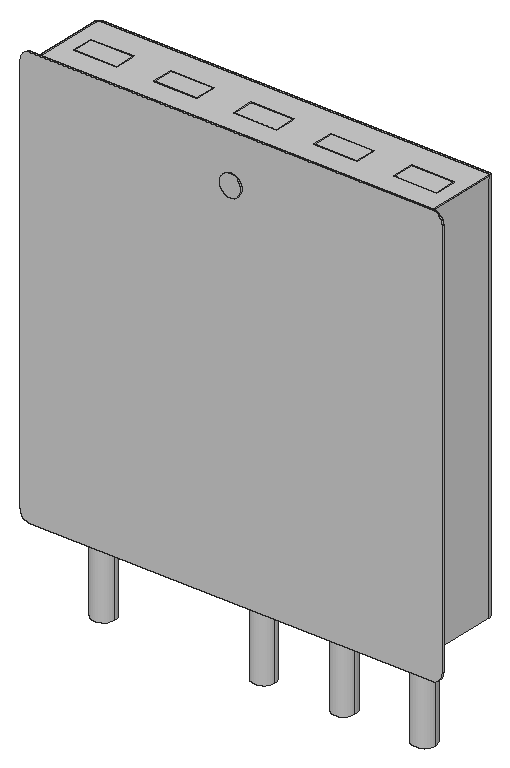
Revit family "SpecEquip_TMV_Zip_Horne TMV box with bypass pipes one end", category Specialty Equipment, Revit 2016 (continued)
Definition of nested family "SpecEquip_TMV_Zip_Horne TMV H1502"
  Reference planes
    plane 10 "Center (Elevation)": z = 965.5
    plane 11 "Left Offset": x = -75
    plane 12 "Right Offset": x = 75
  Forms (mm)
    Revolve 1, solid, material <- "Material_ANZRS"
      sketch origin (0, 279.5, 0) x (0, 0, -1) y (-1, 0, 0)
        loop
          line (-1016, 0) -> (-1016, -15)
          arc (-1016, -15) -> (-1015.707, -15.707) -> (-1015, -16) r 1
          line (-1015, -16) -> (-1007.5, -16) -> (-1007.5, 0) -> (-1016, 0)
        loop
          line (-999.5, 0) -> (-999.5, -22)
          arc (-999.5, -22) -> (-999.354, -22.354) -> (-999, -22.5) r 0.5
          line (-999, -22.5) -> (-990.003, -22.5)
          arc (-990.003, -22.5) -> (-989.614, -22.314) -> (-989.514, -21.895) r 0.5
          line (-989.514, -21.895) -> (-948.013, -21.895)
          arc (-948.013, -21.895) -> (-947.65, -21.745) -> (-947.5, -21.382) r 0.513
          line (-947.5, -21.382) -> (-947.5, -15.524)
          arc (-947.5, -15.524) -> (-946.907, -14.093) -> (-945.476, -13.5) r 2.024
          line (-945.476, -13.5) -> (-936.25, -13.5) -> (-934.96, -16) -> (-924.5, -16) -> (-924.5, 0) -> (-999.5, 0)
        axis (-924.5, 0) -> (-1016, 0)
      angle from 0 to 360
    Extrusion 2, solid, material <- "Material_ANZRS"
      sketch origin (0, 0, 1033) x (-1, 0, 0) y (0, 1, 0)
        loop
          line (0, 268.5) -> (9.526, 274) -> (9.526, 285) -> (0, 290.5) -> (-9.526, 285) -> (-9.526, 274) -> (0, 268.5)
      from 0 to 17
    Extrusion 3, solid, material <- "Material_ANZRS"
      sketch origin (0, 0, 1033) x (-1, 0, 0) y (0, 1, 0)
        loop
          line (0, 259.5) -> (17.321, 269.5) -> (17.321, 289.5) -> (0, 299.5) -> (-17.321, 289.5) -> (-17.321, 269.5) -> (0, 259.5)
      from 25.5 to 33.5
    Revolve 4, solid, material <- "Material_ANZRS"
      sketch origin (0, 279.5, 0) x (0, 0, -1) y (-1, 0, 0)
        loop
          line (-965.5, -75) -> (-965.5, -49) -> (-984.35, -49) -> (-984.35, -51.506)
          arc (-984.35, -51.506) -> (-984.059, -52.209) -> (-983.356, -52.5) r 0.994
          line (-983.356, -52.5) -> (-977.75, -52.5) -> (-977.75, -75) -> (-965.5, -75)
        loop
          line (-965.5, -36.5) -> (-965.5, 36.5) -> (-981.994, 36.5) -> (-981.994, -36.5) -> (-965.5, -36.5)
        loop
          line (-965.5, 49) -> (-965.5, 75) -> (-977.75, 75) -> (-977.75, 52.5) -> (-983.356, 52.5)
          arc (-983.356, 52.5) -> (-984.059, 52.209) -> (-984.35, 51.506) r 0.994
          line (-984.35, 51.506) -> (-984.35, 49) -> (-965.5, 49)
        axis (-965.5, 75) -> (-965.5, -75)
      angle from 0 to 360
    Extrusion 5, solid, material <- "Material_ANZRS"
      sketch origin (0, 0, 0) x (0, 1, 0) y (0, 0, 1)
        loop
          line (301.266, 965.5) -> (290.383, 984.35) -> (268.617, 984.35) -> (257.734, 965.5) -> (268.617, 946.65) -> (290.383, 946.65) -> (301.266, 965.5)
      from -49 to -36.5
    Extrusion 6, solid, material <- "Material_ANZRS"
      sketch origin (0, 0, 0) x (0, 1, 0) y (0, 0, 1)
        loop
          line (301.266, 965.5) -> (290.383, 984.35) -> (268.617, 984.35) -> (257.734, 965.5) -> (268.617, 946.65) -> (290.383, 946.65) -> (301.266, 965.5)
      from 36.5 to 49
    Revolve 7, solid, material <- "Material_ANZRS"
      sketch origin (0, 279.5, 0) x (0, 0, -1) y (-1, 0, 0)
        loop
          line (-985.2, 75) -> (-985.2, 58.4) -> (-981.2, 58.4) -> (-981.2, 60.55) -> (-914.9, 60.55) -> (-914.9, 65) -> (-900, 65) -> (-900, 75) -> (-985.2, 75)
        axis (-900, 75) -> (-985.2, 75)
      angle from 0 to 360
    Revolve 8, solid, material <- "Material_ANZRS"
      sketch origin (0, 279.5, 0) x (0, 0, -1) y (1, 0, 0)
        loop
          line (-985.2, 75) -> (-985.2, 58.4) -> (-981.2, 58.4) -> (-981.2, 60.55) -> (-914.9, 60.55) -> (-914.9, 65) -> (-900, 65) -> (-900, 75) -> (-985.2, 75)
        axis (-900, 75) -> (-985.2, 75)
      angle from 0 to 360
    Extrusion 9, solid, material <- "Material_ANZRS"
      sketch origin (0, 0, 1033) x (-1, 0, 0) y (0, -1, 0)
        loop
          line (58.405, -279.5) -> (66.703, -293.871) -> (83.297, -293.871) -> (91.595, -279.5) -> (83.297, -265.129) -> (66.703, -265.129) -> (58.405, -279.5)
      from -47.8 to -42.5
    Extrusion 10, solid, material <- "Material_ANZRS"
      sketch origin (0, 0, 1033) x (1, 0, 0) y (0, 1, 0)
        loop
          line (58.405, 279.5) -> (66.703, 265.129) -> (83.297, 265.129) -> (91.595, 279.5) -> (83.297, 293.871) -> (66.703, 293.871) -> (58.405, 279.5)
      from -47.8 to -42.5
    Revolve 11, solid, material <- "Material_ANZRS"
      sketch origin (0, 279.5, 0) x (0, 0, -1) y (-1, 0, 0)
        loop
          line (-937.9, -75) -> (-947.332, -75) -> (-947.332, -98.8) -> (-937.9, -98.8) -> (-937.9, -75)
        loop
          line (-937.9, 75) -> (-937.9, 98.8) -> (-947.332, 98.8) -> (-947.332, 75) -> (-937.9, 75)
        axis (-937.9, -98.8) -> (-937.9, 98.8)
      angle from 0 to 360
    Extrusion 12, solid, material <- "Material_ANZRS"
      sketch origin (0, 279.5, 0) x (0, 0, -1) y (-1, 0, 0)
        loop
          line (-947.332, -98.8) -> (-947.332, -101.8) -> (-946.632, -102.5) -> (-929.168, -102.5) -> (-928.468, -101.8) -> (-928.468, -98.8) -> (-947.332, -98.8)
        loop
          line (-947.332, 98.8) -> (-928.468, 98.8) -> (-928.468, 101.8) -> (-929.168, 102.5) -> (-946.632, 102.5) -> (-947.332, 101.8) -> (-947.332, 98.8)
      from -3 to 3
    Extrusion 13, solid, material <- "Material_ANZRS"
      sketch origin (0, 257, 0) x (0, 0, -1) y (-1, 0, 0)
        loop
          line (-981.2, 80.75) -> (-981.2, 69.25) -> (-946.2, 69.25) -> (-946.2, 67.851)
          arc (-946.2, 67.851) -> (-946.054, 67.497) -> (-945.7, 67.35) r 0.5
          line (-945.7, 67.35) -> (-931.4, 67.35)
          arc (-931.4, 67.35) -> (-931.046, 67.496) -> (-930.9, 67.85) r 0.5
          line (-930.9, 67.85) -> (-930.9, 82.102)
          arc (-930.9, 82.102) -> (-931.027, 82.489) -> (-931.399, 82.654) r 0.502
          line (-931.399, 82.654) -> (-945.701, 82.654)
          arc (-945.701, 82.654) -> (-946.053, 82.508) -> (-946.198, 82.157) r 0.497
          line (-946.198, 82.157) -> (-946.198, 80.75) -> (-981.2, 80.75)
        loop
          line (-981.2, -80.75) -> (-946.198, -80.75) -> (-946.198, -82.157)
          arc (-946.198, -82.157) -> (-946.053, -82.508) -> (-945.701, -82.654) r 0.497
          line (-945.701, -82.654) -> (-931.399, -82.654)
          arc (-931.399, -82.654) -> (-931.027, -82.489) -> (-930.9, -82.102) r 0.502
          line (-930.9, -82.102) -> (-930.9, -67.85)
          arc (-930.9, -67.85) -> (-931.046, -67.496) -> (-931.4, -67.35) r 0.5
          line (-931.4, -67.35) -> (-945.7, -67.35)
          arc (-945.7, -67.35) -> (-946.054, -67.497) -> (-946.2, -67.851) r 0.5
          line (-946.2, -67.851) -> (-946.2, -69.25) -> (-981.2, -69.25) -> (-981.2, -80.75)
      from 8 to 11
    Extrusion 14, solid, material <- "Material_ANZRS"
      sketch origin (0, 257, 0) x (0, 0, -1) y (-1, 0, 0)
        loop
          line (-948.013, -5) -> (-948.013, 5) -> (-989.514, 5) -> (-989.514, -5) -> (-948.013, -5)
      from 0.029 to 2.5
  Dimensions and locks
    "Manufacturer_Overall Height": plane 5 "Top" to plane 7 "Bottom"
    "Manufacturer_Height From FFL": plane 7 "Bottom" to plane 2 "Ref. Level"
    equal spacing: plane 8 "Front", plane 9 "Center (Front/Back)", plane 1 "Back"
    "Manufacturer_Overall Depth": plane 8 "Front" to plane 1 "Back"
    equal spacing: plane 6 "Left", plane 3 "Center (Left/Right)", plane 4 "Right"
    "Manufacturer_Overall Width": plane 6 "Left" to plane 4 "Right"
    plane 11 "Left Offset" to plane 3 "Center (Left/Right)" to plane 12 "Right Offset" = 75 mm locked, 75 mm locked
    plane 5 "Top" to plane 10 "Center (Elevation)" to plane 7 "Bottom" = 67.5 mm, 65.5 mm
    aligned and locked: level to plane 2 "Ref. Level"
  Automatic sketch dimensions
    Revolve 4 sketch curve to plane 11 "Left Offset" = 0 mm
    Revolve 4 sketch curve to plane 12 "Right Offset" = 0 mm  (x2)
    Revolve 4 sketch curve to plane 10 "Center (Elevation)" = 0 mm  (x4)
    Revolve 4 sketch curve to plane 10 "Center (Elevation)" = 12.25 mm  (x2)
    Revolve 4 sketch curve to plane 10 "Center (Elevation)" = 16.494 mm
    Revolve 4 sketch curve to Revolve 4 sketch curve = 5.606 mm  (x2)
    Revolve 4 sketch curve to Revolve 4 sketch curve = 0.994 mm  (x2)
    Revolve 4 sketch curve to plane 12 "Right Offset" = 22.5 mm
    Revolve 4 sketch curve to Revolve 4 sketch curve = 2.506 mm  (x2)
    Revolve 4 sketch curve to Revolve 4 sketch curve = 12.5 mm  (x2)
    Revolve 4 sketch curve to plane 3 "Center (Left/Right)" = 36.5 mm
    plane 12 "Right Offset" to Revolve 4 sketch curve = 10 mm
    Extrusion 5 sketch curve to plane 10 "Center (Elevation)" = 0 mm  (x2)
    plane 8 "Front" to Extrusion 5 sketch curve = 0.734 mm
    plane 1 "Back" to Extrusion 5 sketch curve = 0.734 mm
    Extrusion 6 sketch curve to plane 10 "Center (Elevation)" = 0 mm  (x2)
    plane 1 "Back" to Extrusion 6 sketch curve = 0.734 mm
    Revolve 7 sketch curve to plane 11 "Left Offset" = 0 mm  (x2)
    Revolve 7 sketch curve to plane 7 "Bottom" = 0 mm
    Revolve 7 sketch curve to plane 7 "Bottom" = 14.9 mm
    Revolve 7 sketch curve to plane 10 "Center (Elevation)" = 15.7 mm
    Revolve 7 sketch curve to Revolve 7 sketch curve = 10 mm
    plane 11 "Left Offset" to Revolve 7 sketch curve = 14.45 mm
    Revolve 7 sketch curve to Revolve 7 sketch curve = 2.15 mm
    Revolve 7 sketch curve to Revolve 7 sketch curve = 0 mm
    Revolve 7 sketch curve to Revolve 7 sketch curve = 13.165 mm
    Revolve 8 sketch curve to plane 12 "Right Offset" = 0 mm  (x2)
    Revolve 8 sketch curve to plane 7 "Bottom" = 0 mm
    plane 7 "Bottom" to Revolve 8 sketch curve = 14.9 mm
    plane 10 "Center (Elevation)" to Revolve 8 sketch curve = 15.7 mm
    Revolve 8 sketch curve to Revolve 8 sketch curve = 10 mm
    plane 12 "Right Offset" to Revolve 8 sketch curve = 14.45 mm
    Revolve 8 sketch curve to Revolve 8 sketch curve = 2.15 mm
    Revolve 8 sketch curve to Revolve 8 sketch curve = 0 mm
    Revolve 8 sketch curve to Revolve 8 sketch curve = 13.165 mm
    plane 9 "Center (Front/Back)" to Extrusion 9 sketch curve = 0 mm
    Extrusion 9 sketch curve to plane 9 "Center (Front/Back)" = 0 mm
    Extrusion 10 sketch curve to plane 9 "Center (Front/Back)" = 0 mm
    plane 9 "Center (Front/Back)" to Extrusion 10 sketch curve = 0 mm
    plane 4 "Right" to Revolve 11 sketch curve = 0 mm
    plane 10 "Center (Elevation)" to Revolve 11 sketch curve = 18.168 mm  (x2)
    Revolve 11 sketch curve to Revolve 11 sketch curve = 9.432 mm  (x2)
    plane 4 "Right" to Revolve 11 sketch curve = 3.7 mm
    Revolve 11 sketch curve to Revolve 11 sketch curve = 23.8 mm
    plane 6 "Left" to Revolve 11 sketch curve = 27.5 mm
    plane 6 "Left" to Revolve 11 sketch curve = 3.7 mm
    Revolve 11 sketch curve to Revolve 11 sketch curve = 0 mm
    Revolve 11 sketch curve to Revolve 11 sketch curve = 4.004 mm
    Extrusion 12 sketch curve to plane 6 "Left" = 0 mm
    plane 4 "Right" to Extrusion 12 sketch curve = 0 mm
    plane 4 "Right" to Extrusion 12 sketch curve = 3.7 mm
    plane 10 "Center (Elevation)" to Extrusion 12 sketch curve = 18.168 mm  (x2)
    plane 6 "Left" to Extrusion 12 sketch curve = 0.7 mm  (x2)
    Extrusion 12 sketch curve to Extrusion 12 sketch curve = 0.7 mm  (x4)
    Extrusion 12 sketch curve to Extrusion 12 sketch curve = 17.465 mm  (x2)
    plane 4 "Right" to Extrusion 12 sketch curve = 0.7 mm  (x2)
    Extrusion 12 sketch curve to Extrusion 12 sketch curve = 3 mm
    Extrusion 13 sketch curve to plane 11 "Left Offset" = 5.75 mm
    Extrusion 13 sketch curve to plane 10 "Center (Elevation)" = 15.7 mm  (x2)
    Extrusion 13 sketch curve to plane 12 "Right Offset" = 5.75 mm
    Extrusion 13 sketch curve to Extrusion 13 sketch curve = 0.497 mm  (x2)
    Extrusion 13 sketch curve to Extrusion 13 sketch curve = 0.5 mm  (x5)
    Extrusion 13 sketch curve to plane 12 "Right Offset" = 7.65 mm
    Extrusion 13 sketch curve to Extrusion 13 sketch curve = 14.3 mm  (x2)
    plane 11 "Left Offset" to Extrusion 13 sketch curve = 7.65 mm
    Extrusion 13 sketch curve to Extrusion 13 sketch curve = 14.302 mm  (x2)
    Extrusion 13 sketch curve to Extrusion 13 sketch curve = 0.499 mm  (x2)
    plane 12 "Right Offset" to Extrusion 13 sketch curve = 7.102 mm
    Extrusion 13 sketch curve to Extrusion 13 sketch curve = 0.05 mm  (x2)
    plane 12 "Right Offset" to Extrusion 13 sketch curve = 5.75 mm
    Extrusion 13 sketch curve to Extrusion 13 sketch curve = 0.501 mm
    plane 11 "Left Offset" to Extrusion 13 sketch curve = 5.75 mm
    Extrusion 13 sketch curve to plane 11 "Left Offset" = 7.102 mm
    Extrusion 13 sketch curve to Extrusion 13 sketch curve = 0 mm  (x2)
    plane 3 "Center (Left/Right)" to Extrusion 14 sketch curve = 5 mm
    Extrusion 14 sketch curve to plane 10 "Center (Elevation)" = 24.014 mm
    plane 10 "Center (Elevation)" to Extrusion 14 sketch curve = 17.487 mm
    Extrusion 14 sketch curve to plane 3 "Center (Left/Right)" = 5 mm
    Revolve 1 sketch curve to plane 3 "Center (Left/Right)" = 0 mm  (x3)
    Revolve 1 sketch curve to plane 5 "Top" = 0 mm
    plane 5 "Top" to Revolve 1 sketch curve = 17 mm
    Revolve 1 sketch curve to Revolve 1 sketch curve = 1 mm
    Revolve 1 sketch curve to Revolve 1 sketch curve = 7.5 mm
    Revolve 1 sketch curve to Revolve 1 sketch curve = 8 mm
    Revolve 1 sketch curve to Revolve 1 sketch curve = 0.5 mm
    Revolve 1 sketch curve to Revolve 1 sketch curve = 8.997 mm
    Revolve 1 sketch curve to Revolve 1 sketch curve = 0.489 mm
    plane 10 "Center (Elevation)" to Revolve 1 sketch curve = 17.487 mm
    Revolve 1 sketch curve to Revolve 1 sketch curve = 0.513 mm
    Revolve 1 sketch curve to Revolve 1 sketch curve = 2.024 mm
    Revolve 1 sketch curve to plane 7 "Bottom" = 24.5 mm
    plane 3 "Center (Left/Right)" to Revolve 1 sketch curve = 15 mm
    Revolve 1 sketch curve to Revolve 1 sketch curve = 2.5 mm
    Revolve 1 sketch curve to Revolve 1 sketch curve = 5.858 mm
    Revolve 1 sketch curve to Revolve 1 sketch curve = 0.105 mm
    Revolve 1 sketch curve to plane 5 "Top" = 13.556 mm
    plane 3 "Center (Left/Right)" to Revolve 1 sketch curve = 13.5 mm
    Revolve 1 sketch curve to Revolve 1 sketch curve = 9.226 mm
    Revolve 1 sketch curve to Revolve 1 sketch curve = 1.289 mm
    Revolve 7 sketch curve to Revolve 7 sketch curve = 4 mm
    Revolve 8 sketch curve to Revolve 8 sketch curve = 4 mm
    plane 10 "Center (Elevation)" to Extrusion 13 sketch curve = 19.3 mm
    Extrusion 13 sketch curve to Extrusion 13 sketch curve = 0.002 mm  (x2)
    plane 10 "Center (Elevation)" to Extrusion 13 sketch curve = 19.302 mm
    Extrusion 5 sketch curve to plane 9 "Center (Front/Back)" = 10.883 mm  (x2)
    level to Extrusion 5 sketch curve = 984.35 mm
    plane 9 "Center (Front/Back)" to Extrusion 5 sketch curve = 10.883 mm  (x2)
    plane 10 "Center (Elevation)" to Extrusion 5 sketch curve = 18.85 mm
    Extrusion 6 sketch curve to plane 9 "Center (Front/Back)" = 10.883 mm  (x2)
    plane 8 "Front" to Extrusion 6 sketch curve = 0.734 mm
    level to Extrusion 6 sketch curve = 984.35 mm
    plane 9 "Center (Front/Back)" to Extrusion 6 sketch curve = 10.883 mm  (x2)
    plane 10 "Center (Elevation)" to Extrusion 6 sketch curve = 18.85 mm
    plane 1 "Back" to Extrusion 9 sketch curve = 8.129 mm
    plane 8 "Front" to Extrusion 9 sketch curve = 8.129 mm
    plane 11 "Left Offset" to Extrusion 9 sketch curve = 8.297 mm  (x2)
    plane 11 "Left Offset" to Extrusion 9 sketch curve = 16.595 mm
    Extrusion 9 sketch curve to plane 11 "Left Offset" = 8.297 mm  (x2)
    plane 6 "Left" to Extrusion 9 sketch curve = 10.905 mm
    plane 12 "Right Offset" to Extrusion 10 sketch curve = 8.297 mm  (x2)
    Extrusion 10 sketch curve to plane 1 "Back" = 8.129 mm
    Extrusion 10 sketch curve to plane 12 "Right Offset" = 8.297 mm  (x2)
    Extrusion 10 sketch curve to plane 4 "Right" = 10.905 mm
    plane 12 "Right Offset" to Extrusion 10 sketch curve = 16.595 mm
    Extrusion 10 sketch curve to plane 8 "Front" = 8.129 mm
Types (2, lengths in mm): name | Type Comments | Removeable Door | Model | Manufacturer_URL__Product Specific | Manufacturer_Spec Code | Hinged Door | Description
  TMV Removable Door | "Removable Door" | yes | "Horne TMV  H1502 Brass in box Configuration - Removable Door" | "https://www.zipwater.com/shop/washroom/box-with-cover-and-key-locks-recessed-Hingedd-stainless-steel-cover" | "42156" | no | "Horne TMV Model H1502: Recessed pre-plumbed box configuration with lockable flat stainless steel removable door and cold water bypass - pipes at one end"
  TMV Hinged Door | "Hinged Door" | no | "Horne TMV  H1502 Brass in box Configuration - Hinged Door" | "https://www.zipwater.com/shop/washroom/box-flat-steel-Hinged-cover-with-by-pass" | "42456" | yes | "Horne TMV Model H1502: Recessed pre-plumbed box configuration with lockable Hinged stainless steel door and cold water bypass - pipes at one end"
